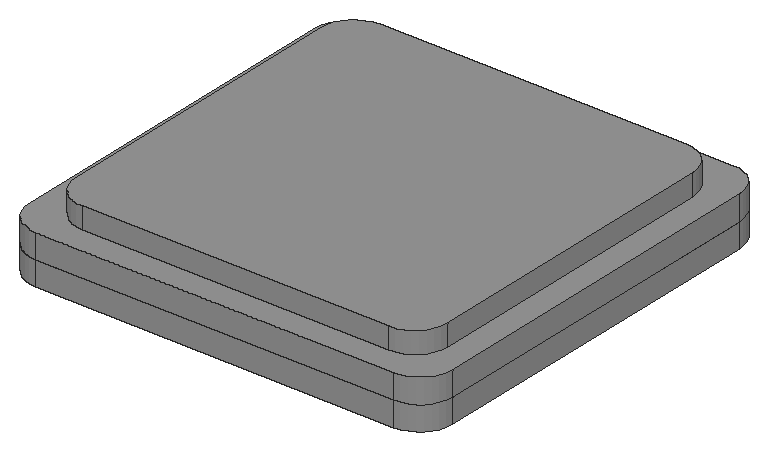
Revit family "FMS2_63_UN_Surface-mounted_ETK", category Lighting Fixtures, Revit 2019 (continued)
Definition of nested family "FMS.2 - Lightsource"
  Parameters (values of type "FMS.1110.10 - Ø270 / 18W / 1120lm / 4000K")
      \r\n424.1051\t421.3431\t418.443\t415.681\t412.7809\t410.0189\t407.2569\t404.4949\t401.5948\t398.6947\r\n395.7946\t393.0326\t390.1325\t387.3705\t384.6085\t381.5703\t378.6702\t375.7701\t372.7319\t369.8318\r\n366.9317\t364.1697\t361.2696\t358.5076\t355.6075\t352.7074\t349.6692\t346.7691\t343.869\t340.6927\r\n337.1021\t333.3734\t329.7828\t326.1922\t322.6016\t319.011\t315.4204\t311.8298\t308.2392\t304.6486\r\n301.058\t297.4674\t293.8768\t290.2862\t286.6956\t283.105\t279.5144\t276.0619\t272.4713\t268.8807\r\n265.2901\t261.8376\t258.3851\t254.9326\t251.4801\t248.0276\t244.5751\t241.1226\t237.6701\t234.2176\r\n230.627\t226.7602\t222.8934\t219.0266\t215.2979\t211.4311\t207.7024\t203.8356\t200.1069\t196.3782\r\n192.6495\t188.9208\t185.1921\t181.4634\t177.8728\t174.1441\t170.5535\t166.8248\t163.2342\t159.6436\r\n156.053\t152.4624\t148.8718\t145.2812\t141.8287\t138.2381\t134.7718\t131.2088\t127.6596\t124.1243\r\n120.6027\t117.095\t113.6149\t110.1624\t106.7099\t103.285\t99.8739\t96.4628\t93.0794\t89.696\r\n86.3263\t82.9705\t79.6285\t76.3003\t72.972\t69.6715\t66.3709\t63.0841\t59.8111\t54.3562\r\n46.3325\t38.3089\t30.2991\t22.2893\t14.2934\t6.2863\t0\t0\t0\t0\r\n0\t0\t0\t0\t0\t0\t0\t0\t0\t0\r\n0\r\n502.9602\t501.8554\t500.7506\t499.6458\t498.6791\t497.7124\t496.8838\t495.779\t494.6742\t493.7075\r\n492.6027\t491.636\t490.5312\t489.4264\t488.3216\t487.2168\t485.9739\t484.731\t483.4881\t482.2452\r\n480.8642\t479.6213\t478.3784\t476.9974\t475.6164\t474.3735\t472.9925\t471.6115\t470.2305\t468.8495\r\n467.3304\t465.9494\t464.4303\t462.9112\t461.3921\t459.873\t458.3539\t456.9729\t455.4538\t453.2442\r\n450.6203\t447.8583\t445.2344\t442.6105\t439.8485\t437.2246\t434.6007\t431.9768\t429.3529\t426.5909\r\n423.8289\t421.0669\t418.443\t415.681\t413.0571\t410.2951\t407.5331\t404.7711\t402.0091\t399.2471\r\n396.4851\t393.7231\t390.9611\t388.3372\t385.5752\t382.8132\t380.0512\t377.2892\t374.5272\t371.7652\r\n369.0032\t366.2412\t363.4792\t360.5791\t357.8171\t354.0884\t350.6359\t347.0453\t343.4547\t340.0022\r\n336.5497\t332.9591\t329.5066\t325.916\t322.4635\t318.8729\t315.2823\t311.8298\t308.2392\t304.7867\r\n301.3342\t297.8817\t294.2911\t290.8386\t287.3861\t283.9336\t280.4811\t277.0286\t273.5761\t270.1236\r\n266.6711\t263.2186\t259.9042\t256.4517\t252.9992\t249.6848\t245.818\t241.9512\t238.2225\t234.3557\r\n230.627\t226.7602\t223.0315\t219.1647\t215.436\t211.7073\t207.9786\t204.2499\t200.5212\t196.7925\r\n193.2019\t189.4732\t185.7445\t182.1539\t178.5633\t174.8346\t171.244\t167.6534\t164.0628\t160.4722\r\n156.8816\t153.291\t149.7004\t146.1098\t142.5192\t138.9286\t135.338\t131.7612\t128.212\t124.6629\r\n121.1275\t117.5922\t114.0706\t110.5629\t107.0689\t103.575\t100.1087\t96.6424\t93.2037\t89.765\r\n86.3401\t82.9152\t79.5042\t76.0931\t72.6958\t69.3124\t65.9289\t61.6064\t53.4999\t45.4073\r\n37.3008\t29.222\t21.1293\t13.0463\t4.9661\t0\t0\t0\t0\t0\r\n0\t0\t0\t0\t0\t0\t0\t0\t0\t0\r\n0\r\n502.9602\t501.8554\t500.7506\t499.6458\t498.6791\t497.7124\t496.7457\t495.779\t494.6742\t493.5694\r\n492.6027\t491.4979\t490.3931\t489.4264\t488.3216\t487.2168\t486.112\t484.8691\t483.7643\t482.5214\r\n481.2785\t480.0356\t478.7927\t477.4117\t476.1688\t474.9259\t473.5449\t472.302\t471.0591\t469.6781\r\n468.2971\t466.9161\t465.5351\t464.2922\t462.9112\t461.5302\t460.0111\t457.6634\t455.0395\t452.5537\r\n450.0679\t447.5821\t444.9582\t442.4724\t439.8485\t437.2246\t434.4626\t431.8387\t429.2148\t426.5909\r\n423.967\t421.3431\t418.7192\t416.2334\t413.4714\t410.8475\t408.2236\t405.4616\t402.8377\t400.2138\r\n397.5899\t394.966\t392.3421\t389.5801\t386.9562\t384.1942\t381.5703\t378.9464\t376.3225\t373.6986\r\n371.0747\t367.7603\t364.3078\t360.8553\t357.4028\t353.9503\t350.4978\t347.0453\t343.5928\t340.0022\r\n336.6878\t333.2353\t329.7828\t326.1922\t322.7397\t319.2872\t315.8347\t312.3822\t308.9297\t305.4772\r\n302.0247\t298.7103\t295.2578\t291.9434\t288.4909\t285.1765\t281.724\t278.2715\t274.9571\t271.5046\r\n268.1902\t264.8758\t261.1471\t257.4184\t253.5516\t249.8229\t245.9561\t242.2274\t238.4987\t234.6319\r\n230.9032\t227.1745\t223.4458\t219.7171\t215.9884\t212.2597\t208.531\t204.9404\t201.2117\t197.483\r\n193.8924\t190.1637\t186.5731\t182.8444\t179.2538\t175.5251\t171.9345\t168.3439\t164.7533\t161.1627\r\n157.434\t153.8434\t150.1147\t146.5241\t142.9335\t139.3429\t135.7385\t132.1617\t128.5849\t125.0219\r\n121.4728\t117.9236\t114.3882\t110.8529\t107.3175\t103.7822\t100.2606\t96.739\t93.2313\t89.7236\r\n86.2296\t82.7357\t79.2556\t75.7893\t72.3092\t68.8428\t61.7998\t53.6104\t45.4349\t37.2594\r\n29.0839\t20.9222\t12.7535\t4.5891\t0\t0\t0\t0\t0\t0\r\n0\t0\t0\t0\t0\t0\t0\t0\t0\t0\r\n0\r\n502.9602\t501.8554\t500.7506\t499.6458\t498.541\t497.5743\t496.6076\t495.6409\t494.6742\t493.5694\r\n492.6027\t491.4979\t490.3931\t489.4264\t488.3216\t487.2168\t486.2501\t485.1453\t483.9024\t482.7976\r\n481.6928\t480.4499\t479.3451\t478.1022\t476.8593\t475.6164\t474.3735\t473.1306\t471.8877\t470.6448\r\n469.4019\t468.159\t466.9161\t465.6732\t464.2922\t462.2207\t459.7349\t457.2491\t454.7633\t452.4156\r\n449.9298\t447.444\t444.8201\t442.3343\t439.7104\t437.2246\t434.7388\t432.253\t429.6291\t427.1433\r\n424.6575\t422.0336\t419.4097\t416.9239\t414.3\t411.6761\t409.1903\t406.5664\t404.0806\t401.4567\r\n398.8328\t396.347\t393.7231\t391.2373\t388.6134\t385.9895\t383.5037\t380.8798\t377.8416\t374.3891\r\n370.9366\t367.6222\t364.1697\t360.7172\t357.2647\t353.9503\t350.4978\t347.1834\t343.7309\t340.2784\r\n336.964\t333.5115\t330.1971\t326.7446\t323.4302\t319.9777\t316.6633\t313.2108\t309.8964\t306.582\r\n303.1295\t299.8151\t296.5007\t293.1863\t289.8719\t286.4194\t283.105\t279.7906\t276.4762\t272.8856\r\n269.0188\t265.2901\t261.4233\t257.6946\t253.9659\t250.2372\t246.3704\t242.6417\t238.913\t235.1843\r\n231.4556\t227.7269\t223.9982\t220.2695\t216.6789\t212.9502\t209.2215\t205.6309\t201.9022\t198.1735\r\n194.5829\t190.8542\t187.2636\t183.673\t179.9443\t176.3537\t172.7631\t169.0344\t165.4438\t161.7151\r\n158.1245\t154.3958\t150.8052\t147.0765\t143.4859\t139.8953\t136.1942\t132.576\t128.9578\t125.3534\r\n121.749\t118.1722\t114.5816\t111.0048\t107.428\t103.865\t100.2882\t96.739\t93.1761\t89.6269\r\n86.0777\t82.5286\t78.9932\t75.444\t71.301\t63.0288\t54.7705\t46.4983\t38.2399\t29.9953\r\n21.7369\t13.4896\t5.2423\t0\t0\t0\t0\t0\t0\t0\r\n0\t0\t0\t0\t0\t0\t0\t0\t0\t0\r\n0\r\n502.9602\t501.8554\t500.7506\t499.6458\t498.6791\t497.5743\t496.6076\t495.6409\t494.6742\t493.7075\r\n492.6027\t491.636\t490.5312\t489.4264\t488.4597\t487.3549\t486.3882\t485.2834\t484.1786\t483.2119\r\n482.1071\t481.0023\t479.8975\t478.7927\t477.6879\t476.445\t475.3402\t474.0973\t472.8544\t471.7496\r\n470.5067\t469.2638\t468.0209\t466.778\t464.4303\t461.9445\t459.5968\t457.2491\t454.7633\t452.2775\r\n449.9298\t447.444\t444.9582\t442.4724\t440.1247\t437.6389\t435.1531\t432.6673\t430.1815\t427.6957\r\n425.2099\t422.7241\t420.2383\t417.7525\t415.2667\t412.7809\t410.4332\t407.9474\t405.4616\t402.9758\r\n400.49\t398.0042\t395.5184\t393.0326\t390.5468\t388.061\t384.6085\t381.2941\t377.8416\t374.5272\r\n371.0747\t367.7603\t364.4459\t360.9934\t357.679\t354.3646\t351.0502\t347.7358\t344.2833\t340.9689\r\n337.6545\t334.3401\t331.0257\t327.7113\t324.2588\t320.9444\t317.63\t314.3156\t311.0012\t307.6868\r\n304.3724\t301.058\t297.8817\t294.5673\t291.2529\t287.9385\t284.486\t280.7573\t276.8905\t273.1618\r\n269.4331\t265.7044\t261.8376\t258.1089\t254.3802\t250.6515\t246.9228\t243.3322\t239.6035\t235.8748\r\n232.1461\t228.4174\t224.6887\t221.0981\t217.3694\t213.6407\t210.0501\t206.3214\t202.7308\t199.0021\r\n195.4115\t191.6828\t188.0922\t184.3635\t180.7729\t177.0442\t173.4536\t169.7249\t165.9962\t162.4056\r\n158.6769\t154.9482\t151.3576\t147.6289\t144.0383\t140.3096\t136.7052\t133.0455\t129.3859\t125.74\r\n122.0942\t118.4622\t114.8302\t111.1981\t107.5799\t103.9617\t100.3435\t96.7252\t93.1208\t89.5164\r\n85.912\t82.3214\t78.7308\t73.704\t65.3627\t57.0215\t48.6803\t40.339\t32.0116\t23.6703\r\n15.3429\t7.0072\t0\t0\t0\t0\t0\t0\t0\t0\r\n0\t0\t0\t0\t0\t0\t0\t0\t0\t0\r\n0\r\n502.9602\t501.8554\t500.8887\t499.7839\t498.6791\t497.7124\t496.6076\t495.6409\t494.6742\t493.7075\r\n492.7408\t491.7741\t490.8074\t489.7026\t488.5978\t487.6311\t486.5263\t485.5596\t484.4548\t483.4881\r\n482.3833\t481.4166\t480.4499\t479.3451\t478.2403\t477.2736\t476.1688\t475.064\t474.0973\t472.9925\r\n471.8877\t470.6448\t469.4019\t466.9161\t464.4303\t462.0826\t459.5968\t457.2491\t454.7633\t452.4156\r\n450.0679\t447.5821\t445.2344\t442.8867\t440.4009\t438.0532\t435.7055\t433.2197\t430.872\t428.3862\r\n426.0385\t423.6908\t421.205\t418.8573\t416.5096\t414.1619\t411.6761\t409.1903\t406.8426\t404.3568\r\n402.0091\t399.5233\t397.1756\t394.6898\t391.5135\t388.1991\t384.8847\t381.5703\t378.2559\t374.9415\r\n371.6271\t368.3127\t364.9983\t361.6839\t358.3695\t355.0551\t351.7407\t348.4263\t345.1119\t341.9356\r\n338.6212\t335.3068\t331.9924\t328.678\t325.3636\t322.0492\t318.7348\t315.5585\t312.2441\t308.9297\r\n305.6153\t302.439\t299.1246\t295.9483\t292.4958\t288.7671\t285.0384\t281.3097\t277.581\t273.8523\r\n270.1236\t266.3949\t262.6662\t258.9375\t255.2088\t251.4801\t247.7514\t244.0227\t240.294\t236.5653\r\n232.8366\t229.246\t225.5173\t221.7886\t218.0599\t214.3312\t210.7406\t207.0119\t203.2832\t199.6926\r\n195.9639\t192.3733\t188.6446\t185.054\t181.3253\t177.5966\t174.006\t170.2773\t166.5486\t162.8199\r\n159.2293\t155.5006\t151.7719\t148.1813\t144.4526\t140.7239\t137.0781\t133.4046\t129.7311\t126.0577\r\n122.398\t118.7246\t115.0649\t111.4053\t107.7594\t104.0998\t100.4401\t96.7943\t93.1485\t89.5026\r\n85.8568\t82.2109\t77.2946\t68.8705\t60.4602\t52.0361\t43.612\t35.2017\t26.7776\t18.3673\r\n9.9584\t1.5467\t0\t0\t0\t0\t0\t0\t0\t0\r\n0\t0\t0\t0\t0\t0\t0\t0\t0\t0\r\n0\r\n502.9602\t501.9935\t500.8887\t499.7839\t498.8172\t497.8505\t496.7457\t495.779\t494.8123\t493.8456\r\n492.8789\t491.9122\t490.9455\t489.9788\t489.0121\t487.9073\t486.9406\t485.9739\t485.0072\t483.9024\r\n482.9357\t481.969\t480.8642\t479.8975\t478.9308\t477.826\t476.8593\t475.8926\t474.7878\t473.8211\r\n472.8544\t471.7496\t469.54\t467.1923\t464.8446\t462.4969\t460.1492\t457.8015\t455.4538\t453.1061\r\n450.7584\t448.2726\t445.9249\t443.5772\t441.0914\t438.7437\t436.396\t434.0483\t431.7006\t429.2148\r\n426.8671\t424.5194\t422.1717\t419.824\t417.4763\t415.2667\t412.919\t410.4332\t408.0855\t405.7378\r\n403.3901\t400.9043\t398.2804\t394.966\t391.7897\t388.4753\t385.1609\t381.9846\t378.6702\t375.4939\r\n372.1795\t369.0032\t365.6888\t362.5125\t359.1981\t356.0218\t352.7074\t349.393\t346.0786\t342.9023\r\n339.5879\t336.4116\t333.0972\t329.7828\t326.6065\t323.2921\t320.1158\t316.8014\t313.6251\t310.3107\r\n307.1344\t303.82\t300.6437\t296.915\t293.1863\t289.4576\t285.7289\t282.0002\t278.2715\t274.5428\r\n270.8141\t267.0854\t263.3567\t259.628\t255.8993\t252.1706\t248.58\t244.8513\t241.1226\t237.3939\r\n233.6652\t229.9365\t226.3459\t222.6172\t218.8885\t215.2979\t211.5692\t207.8405\t204.2499\t200.5212\r\n196.7925\t193.2019\t189.4732\t185.7445\t182.0158\t178.2871\t174.5584\t170.8297\t167.101\t163.5104\r\n159.7817\t156.053\t152.3243\t148.5956\t144.8669\t141.1382\t137.5062\t133.8051\t130.104\t126.4167\r\n122.7157\t119.0284\t115.3411\t111.64\t107.9528\t104.2655\t100.5782\t96.891\t93.2175\t89.5302\r\n85.843\t82.059\t73.5659\t65.0727\t56.5796\t48.1002\t39.6071\t31.1277\t22.6346\t14.1553\r\n5.6704\t0\t0\t0\t0\t0\t0\t0\t0\t0\r\n0\t0\t0\t0\t0\t0\t0\t0\t0\t0\r\n0\r\n502.9602\t501.9935\t501.0268\t499.922\t498.9553\t497.9886\t497.0219\t495.9171\t494.9504\t493.9837\r\n493.017\t492.0503\t491.0836\t490.1169\t489.1502\t488.3216\t487.3549\t486.3882\t485.4215\t484.4548\r\n483.4881\t482.5214\t481.5547\t480.588\t479.6213\t478.6546\t477.6879\t476.7212\t475.7545\t474.7878\r\n473.8211\t472.0258\t469.6781\t467.4685\t465.1208\t462.7731\t460.4254\t458.0777\t455.8681\t453.5204\r\n451.1727\t448.825\t446.6154\t444.2677\t441.92\t439.5723\t437.2246\t435.015\t432.6673\t430.3196\r\n427.9719\t425.7623\t423.4146\t421.0669\t418.7192\t416.3715\t414.1619\t411.8142\t409.4665\t407.2569\r\n404.9092\t402.2853\t399.109\t395.7946\t392.4802\t389.3039\t385.9895\t382.8132\t379.4988\t376.3225\r\n373.0081\t369.8318\t366.5174\t363.203\t360.0267\t356.8504\t353.536\t350.3597\t347.0453\t343.869\r\n340.5546\t337.3783\t334.0639\t330.8876\t327.7113\t324.3969\t321.2206\t317.9062\t314.7299\t311.5536\r\n308.2392\t305.0629\t301.3342\t297.6055\t293.8768\t290.1481\t286.4194\t282.8288\t279.1001\t275.3714\r\n271.6427\t267.914\t264.3234\t260.5947\t256.866\t253.1373\t249.4086\t245.818\t242.0893\t238.3606\r\n234.6319\t230.9032\t227.1745\t223.5839\t219.8552\t216.1265\t212.3978\t208.6691\t205.0785\t201.3498\r\n197.6211\t194.0305\t190.3018\t186.435\t182.7063\t178.9776\t175.2489\t171.5202\t167.7915\t164.0628\r\n160.3341\t156.6054\t152.8767\t149.148\t145.4193\t141.6906\t138.031\t134.3022\t130.5874\t126.8725\r\n123.1438\t119.4289\t115.7002\t111.9853\t108.2704\t104.5555\t100.8406\t97.1257\t93.4108\t89.696\r\n85.9811\t79.5318\t70.9834\t62.4212\t53.8728\t45.3106\t36.7622\t28.2\t19.6516\t11.0991\r\n2.5479\t0\t0\t0\t0\t0\t0\t0\t0\t0\r\n0\t0\t0\t0\t0\t0\t0\t0\t0\t0\r\n0\r\n502.9602\t501.9935\t501.0268\t500.0601\t499.0934\t498.1267\t497.16\t496.3314\t495.3647\t494.398\r\n493.4313\t492.4646\t491.4979\t490.5312\t489.7026\t488.7359\t487.7692\t486.8025\t485.9739\t485.0072\r\n484.0405\t483.0738\t482.2452\t481.2785\t480.3118\t479.4832\t478.5165\t477.5498\t476.7212\t475.7545\r\n474.7878\t472.7163\t470.3686\t468.0209\t465.8113\t463.4636\t461.254\t458.9063\t456.5586\t454.349\r\n452.0013\t449.7917\t447.444\t445.2344\t442.8867\t440.539\t438.3294\t435.9817\t433.7721\t431.4244\r\n429.2148\t426.8671\t424.5194\t422.3098\t419.9621\t417.7525\t415.4048\t413.1952\t410.8475\t408.4998\r\n406.2902\t403.252\t399.9376\t396.7613\t393.4469\t390.2706\t386.9562\t383.7799\t380.6036\t377.2892\r\n374.1129\t370.7985\t367.6222\t364.4459\t361.1315\t357.9552\t354.6408\t351.4645\t348.2882\t344.9738\r\n341.7975\t338.4831\t335.3068\t332.1305\t328.8161\t325.6398\t322.4635\t319.1491\t315.9728\t312.7965\r\n309.4821\t305.8915\t302.1628\t298.5722\t294.8435\t291.1148\t287.3861\t283.6574\t279.9287\t276.2\r\n272.6094\t268.8807\t265.152\t261.4233\t257.6946\t253.9659\t250.3753\t246.6466\t242.9179\t239.1892\r\n235.4605\t231.8699\t228.1412\t224.4125\t220.6838\t216.9551\t213.3645\t209.6358\t205.9071\t202.1784\r\n198.4497\t194.721\t190.9923\t187.2636\t183.5349\t179.8062\t176.0775\t172.3488\t168.482\t164.7533\r\n161.0246\t157.2959\t153.5672\t149.8385\t146.1098\t142.3811\t138.6524\t134.8685\t131.126\t127.3834\r\n123.6547\t119.9122\t116.1697\t112.4272\t108.6985\t104.956\t101.2135\t97.4848\t93.7423\t90.0136\r\n86.2711\t78.1922\t69.5748\t60.9573\t52.3399\t43.7225\t35.105\t26.4876\t17.8701\t9.2582\r\n0.6424\t0\t0\t0\t0\t0\t0\t0\t0\t0\r\n0\t0\t0\t0\t0\t0\t0\t0\t0\t0\r\n0\r\n502.9602\t502.1316\t501.1649\t500.1982\t499.3696\t498.4029\t497.5743\t496.6076\t495.6409\t494.8123\r\n493.8456\t493.017\t492.0503\t491.0836\t490.255\t489.2883\t488.4597\t487.493\t486.5263\t485.6977\r\n484.731\t483.9024\t482.9357\t482.1071\t481.1404\t480.1737\t479.3451\t478.3784\t477.5498\t476.5831\r\n475.6164\t473.4068\t471.0591\t468.8495\t466.6399\t464.2922\t462.0826\t459.7349\t457.5253\t455.1776\r\n452.968\t450.6203\t448.4107\t446.063\t443.8534\t441.6438\t439.2961\t437.0865\t434.7388\t432.5292\r\n430.1815\t427.9719\t425.6242\t423.4146\t421.0669\t418.8573\t416.5096\t414.3\t412.0904\t409.7427\r\n407.5331\t404.2187\t401.0424\t397.8661\t394.5517\t391.3754\t388.1991\t385.0228\t381.7084\t378.5321\r\n375.3558\t372.0414\t368.8651\t365.6888\t362.3744\t359.1981\t356.0218\t352.8455\t349.5311\t346.3548\r\n343.1785\t339.8641\t336.6878\t333.5115\t330.1971\t327.0208\t323.8445\t320.5301\t317.3538\t314.1775\r\n311.0012\t307.2725\t303.5438\t299.8151\t296.0864\t292.3577\t288.629\t284.9003\t281.1716\t277.4429\r\n273.7142\t269.9855\t266.2568\t262.5281\t258.7994\t255.0707\t251.342\t247.6133\t244.0227\t240.294\r\n236.5653\t232.8366\t229.1079\t225.3792\t221.6505\t217.9218\t214.1931\t210.4644\t206.7357\t203.007\r\n199.2783\t195.5496\t191.8209\t188.0922\t184.2254\t180.4967\t176.768\t173.0393\t169.3106\t165.5819\r\n161.7151\t157.9864\t154.2577\t150.529\t146.8003\t142.9335\t139.2048\t135.4761\t131.7336\t127.9773\r\n124.221\t120.4646\t116.7083\t112.952\t109.1957\t105.4532\t101.6968\t97.9405\t94.1842\t90.4279\r\n86.6716\t78.0127\t69.34\t60.6673\t52.0085\t43.3358\t34.6769\t26.0042\t17.3316\t8.6672\r\n0\t0\t0\t0\t0\t0\t0\t0\t0\t0\r\n0\t0\t0\t0\t0\t0\t0\t0\t0\t0\r\n0\r\n502.9602\t501.9935\t501.1649\t500.1982\t499.3696\t498.4029\t497.5743\t496.6076\t495.6409\t494.8123\r\n493.8456\t493.017\t492.1884\t491.2217\t490.3931\t489.4264\t488.5978\t487.6311\t486.8025\t485.9739\r\n485.0072\t484.1786\t483.35\t482.3833\t481.5547\t480.7261\t479.8975\t478.9308\t478.1022\t477.2736\r\n476.445\t474.2354\t472.0258\t469.8162\t467.4685\t465.2589\t463.0493\t460.7016\t458.492\t456.2824\r\n453.9347\t451.7251\t449.5155\t447.1678\t444.9582\t442.6105\t440.4009\t438.0532\t435.8436\t433.4959\r\n431.2863\t428.9386\t426.729\t424.3813\t422.1717\t419.824\t417.6144\t415.2667\t413.0571\t410.7094\r\n408.4998\t405.4616\t402.1472\t398.9709\t395.7946\t392.6183\t389.3039\t386.1276\t382.9513\t379.775\r\n376.4606\t373.2843\t370.108\t366.7936\t363.6173\t360.441\t357.1266\t353.9503\t350.774\t347.5977\r\n344.2833\t341.107\t337.9307\t334.6163\t331.44\t328.2637\t324.9493\t321.773\t318.5967\t315.2823\r\n312.106\t308.5154\t304.7867\t301.058\t297.3293\t293.6006\t289.8719\t286.1432\t282.4145\t278.6858\r\n274.9571\t271.2284\t267.4997\t263.771\t260.0423\t256.3136\t252.5849\t248.8562\t245.1275\t241.3988\r\n237.6701\t233.9414\t230.2127\t226.484\t222.7553\t219.0266\t215.2979\t211.4311\t207.7024\t203.9737\r\n200.245\t196.5163\t192.7876\t189.0589\t185.1921\t181.4634\t177.7347\t173.8679\t170.1392\t166.4105\r\n162.6818\t158.815\t155.0863\t151.3576\t147.4908\t143.7621\t140.0334\t136.2357\t132.4655\t128.6954\r\n124.9253\t121.1551\t117.385\t113.6149\t109.8447\t106.0746\t102.3045\t98.5343\t94.7642\t90.9941\r\n87.224\t79.0623\t70.3481\t61.634\t52.9199\t44.2058\t35.5055\t26.7914\t18.0773\t9.3618\r\n0.6498\t0\t0\t0\t0\t0\t0\t0\t0\t0\r\n0\t0\t0\t0\t0\t0\t0\t0\t0\t0\r\n0\r\n502.9602\t502.1316\t501.1649\t500.1982\t499.3696\t498.4029\t497.5743\t496.6076\t495.779\t494.9504\r\n493.9837\t493.1551\t492.3265\t491.4979\t490.6693\t48
